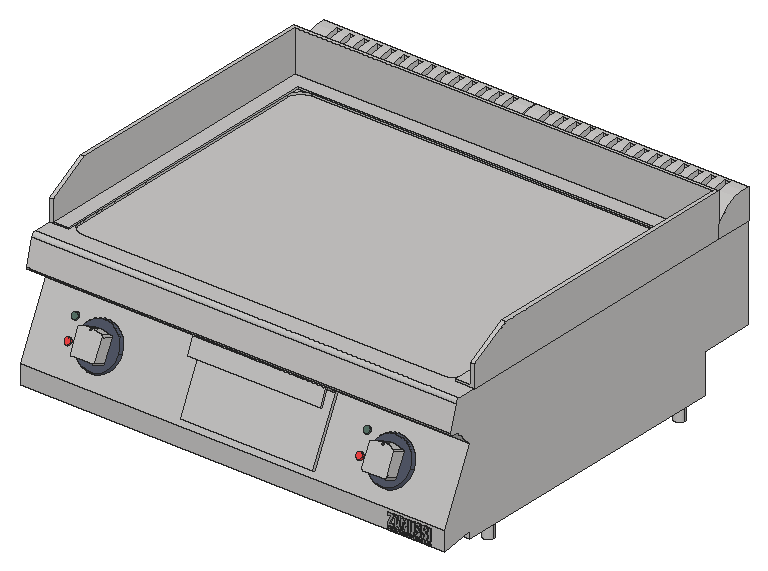
Revit family "QF_ZANUSSI_372340_Z7IIKDAOMEA", category Specialty Equipment, Revit 2018
Family settings
  Round Connector Dimension = Use Diameter
  Part Type = Normal
  Work Plane-Based = No
  Always vertical = Yes
  Cut with Voids When Loaded = No
  Shared = No
  Room Calculation Point = No
Parameters (values of type "Standard")
  Weight = 70.00 kg
  Watts = 0 W
  Volts = 400 V
  URL Manufacturer = "http://www.zanussiprofessional.com"
  URL = "http://www.zanussiprofessional.com"
  Steam Supply Size = 0"
  Steam Supply Minimum Pressure = 0.00 psi
  Steam Supply Maximum Pressure = 0.00 psi
  Steam Pounds per Hour = 0
  Show Logo [instance] = yes
  Show Clearance [instance] = yes
  Refrigeration Suction Line Size = 0"
  Refrigeration Liquid Line Size = 0"
  Refrigerant Compressor Remote = yes
  Phase = 3
  Model = "Z7IIKDAOMEA"
  Manufacturer = "Zanussi"
  Length Actual = 800 mm  # constant formula
  Item Number = "372340"
  Hot Water Size = 0"
  Height Actual = 250 mm  # constant formula
  HP = "11.3 HP"
  Gas Size = 0"
  Gas KW = 0
  Gas Input Pressure = 0.0 Btu/h
  Direct Waste Size = 0"
  Description = "ELECTRIC FRY TOP-SMOOTH PLATE 800MM-BRUSHED CHROME"
  Depth Actual = 700 mm  # constant formula
  Cycle = 60 Hz
  Condensate Return Size = 0"
  Compressed Air Volume = 0 GPM
  Compressed Air Size = 0"
  Compressed Air Pressure = 0.00 psi
  Cold Water Size = 0"
  Assembly Code = ""
  Accessory = yes
Reference planes
  plane 1 "BACK": y = 0
  plane 2: z = 0
  plane 3 "LEFT": x = 0
  plane 4 "RIGHT": x = 800
  plane 5 "FRONT": y = -715
  plane 6 "TOP": z = 288.925
  plane 7 "Center Y": x = 400
  plane 8 "Center X": y = -357.5
  plane 9 "BASE": z = 24
  plane 10 "TOP A": z = 900
  plane 11: y = -597.884
  plane 12: y = -147.637
  plane 13: z = 981
  plane 14: y = -700
  plane 15 "panel": through (-6096, -715, 65.146) normal (0, 0.8956, -0.4448)
  plane 16: z = 900
Forms (mm)
  Extrusion 1, solid, material "QF_Finishes_Stainless Steel"
    sketch origin (0, 0, 626) x (0, 1, 0) y (0, 0, 1)
      loop
        line (0, 98) -> (0, 274) -> (-679.358, 274)
        arc (-679.358, 274) -> (-684.643, 271.811) -> (-686.833, 266.526) r 7.474
        line (-686.833, 266.526) -> (-699.884, 221.011)
        arc (-699.884, 221.011) -> (-699.396, 218.379) -> (-697, 217.184) r 3
        line (-697, 217.184) -> (-686.802, 217.184) -> (-654.982, 185.364) -> (-715, 64.508) -> (-715, 29.508) -> (-658.645, 37.428)
        arc (-658.645, 37.428) -> (-656.101, 36.674) -> (-655, 34.259) r 3.2
        line (-655, 34.259) -> (-655, 24) -> (-103, 24) -> (-103, 98) -> (0, 98)
    from 0 to 800
  Extrusion 2, void
    sketch origin (0, -2.381, 900) x (-1, 0, 0) y (0, -1, 0)
      loop
        arc (-60.425, 102.504) -> (-42.464, 109.943) -> (-35.025, 127.904) r 25.4
        line (-35.025, 127.904) -> (-35.025, 617.104)
        arc (-35.025, 617.104) -> (-42.464, 635.064) -> (-60.425, 642.504) r 25.4
        line (-60.425, 642.504) -> (-739.575, 642.504)
        arc (-739.575, 642.504) -> (-757.536, 635.064) -> (-764.975, 617.104) r 25.4
        line (-764.975, 617.104) -> (-764.975, 127.904)
        arc (-764.975, 127.904) -> (-757.536, 109.943) -> (-739.575, 102.504) r 25.4
        line (-739.575, 102.504) -> (-60.425, 102.504)
    from 0 to -3.2
  Extrusion 3, solid, material "QF_Finishes_Stainless Steel"
    sketch origin (0, 0, 626) x (1, 0, 0) y (0, 1, 0)
      loop
        circle (11.112, -147.638) r 9.525
      loop
        circle (11.112, -597.884) r 9.525
      loop
        circle (788.887, -147.638) r 9.525
      loop
        circle (788.887, -597.884) r 9.525
    from 0 to 24
  Extrusion 4, solid, material "QF_Finishes_Stainless Steel"
    sketch origin (0, -101.6, 731.694) x (0, 0, -1) y (-1, 0, 0)
      loop
        circle (43.694, -749.2) r 6.35
    from -1.4 to 3.175
  Extrusion 5, solid, material "QF_Finishes_Clearance", visible <- "Show Clearance", detail levels coarse
    sketch origin (0, 0, 626) x (1, 0, 0) y (0, 1, 0)
      loop
        line (0, -715) -> (0, 0) -> (800, 0) -> (800, -715) -> (950.019, -715) -> (950.019, 150.019) -> (-150.019, 150.019) -> (-150.019, -715) -> (0, -715)
    from 0 to 355
  Sweep 6, solid, material "QF_Finishes_Stainless Steel"
    path origin (0, -2.381, 900) x (-1, 0, 0) y (0, -1, 0)
      loop
        line (-764.975, 642.504) -> (-764.975, 102.504) -> (-35.025, 102.504) -> (-35.025, 642.504)
    profile origin (35.025, -374.885, 900) x (1, 0, 0) y (0, 0, 1)
      loop
        line (-35.025, 0) -> (0, 0) -> (0, 3.175) -> (-28.675, 3.175) -> (-28.675, 81) -> (-35.025, 81) -> (-35.025, 0)
  Extrusion 7, void
    sketch origin (0, -69.86, 900) x (0, 1, 0) y (0, 0, 1)
      loop
        line (-575.025, 41.119) -> (-501.995, 81) -> (-575.025, 81) -> (-575.025, 41.119)
    from 0 to 6.35
  Extrusion 8, void
    sketch origin (800, -644.885, 900) x (0, -1, 0) y (0, 0, 1)
      loop
        line (0, 41.119) -> (0, 81) -> (-73.03, 81) -> (0, 41.119)
    from 0 to 6.35
  Extrusion 9, solid, material "QF_Finishes_Stainless Steel"
    sketch origin (0, 0, 626) x (0, 1, 0) y (0, 0, 1)
      loop
        line (0, 274) -> (0, 331.492)
        arc (0, 331.492) -> (-38.8, 324.37) -> (-69.85, 300.038) r 82.447
        line (-69.85, 300.038) -> (-69.85, 274) -> (0, 274)
    from 0 to 400.05
  Extrusion 10, void
    sketch origin (0, 0, 900.638) x (0, -1, 0) y (1, 0, 0)
      loop
        line (6.761, 29.703) -> (63.911, 29.703) -> (63.911, 38.999) -> (6.761, 38.999) -> (6.761, 29.703)
      loop
        line (63.911, 64.487) -> (6.761, 64.487) -> (6.761, 55.191) -> (63.911, 55.191) -> (63.911, 64.487)
      loop
        line (63.911, 89.975) -> (6.761, 89.975) -> (6.761, 80.68) -> (63.911, 80.68) -> (63.911, 89.975)
      loop
        line (63.911, 115.464) -> (6.761, 115.464) -> (6.761, 106.168) -> (63.911, 106.168) -> (63.911, 115.464)
      loop
        line (63.911, 140.952) -> (6.761, 140.952) -> (6.761, 131.656) -> (63.911, 131.656) -> (63.911, 140.952)
      loop
        line (63.911, 166.44) -> (6.761, 166.44) -> (6.761, 157.145) -> (63.911, 157.145) -> (63.911, 166.44)
      loop
        line (63.911, 191.929) -> (6.761, 191.929) -> (6.761, 182.633) -> (63.911, 182.633) -> (63.911, 191.929)
      loop
        line (63.911, 217.417) -> (6.761, 217.417) -> (6.761, 208.121) -> (63.911, 208.121) -> (63.911, 217.417)
      loop
        line (63.911, 242.905) -> (6.761, 242.905) -> (6.761, 233.61) -> (63.911, 233.61) -> (63.911, 242.905)
      loop
        line (63.911, 268.394) -> (6.761, 268.394) -> (6.761, 259.098) -> (63.911, 259.098) -> (63.911, 268.394)
      loop
        line (63.911, 293.882) -> (6.761, 293.882) -> (6.761, 284.586) -> (63.911, 284.586) -> (63.911, 293.882)
      loop
        line (63.911, 319.37) -> (6.761, 319.37) -> (6.761, 310.075) -> (63.911, 310.075) -> (63.911, 319.37)
      loop
        line (63.911, 344.859) -> (6.761, 344.859) -> (6.761, 335.563) -> (63.911, 335.563) -> (63.911, 344.859)
      loop
        line (63.911, 370.347) -> (6.761, 370.347) -> (6.761, 361.051) -> (63.911, 361.051) -> (63.911, 370.347)
    from 25.4 to 63.5
  Extrusion 11, solid, material "QF_Finishes_Stainless Steel"
    sketch origin (400.05, 0, 626) x (0, 1, 0) y (0, 0, 1)
      loop
        line (0, 274) -> (0, 331.492)
        arc (0, 331.492) -> (-38.8, 324.37) -> (-69.85, 300.038) r 82.447
        line (-69.85, 300.038) -> (-69.85, 274) -> (0, 274)
    from 0 to 400.05
  Extrusion 12, void
    sketch origin (400.05, 0, 900.638) x (0, -1, 0) y (1, 0, 0)
      loop
        line (6.761, 29.653) -> (63.911, 29.653) -> (63.911, 38.949) -> (6.761, 38.949) -> (6.761, 29.653)
      loop
        line (63.911, 64.437) -> (6.761, 64.437) -> (6.761, 55.141) -> (63.911, 55.141) -> (63.911, 64.437)
      loop
        line (63.911, 89.925) -> (6.761, 89.925) -> (6.761, 80.63) -> (63.911, 80.63) -> (63.911, 89.925)
      loop
        line (63.911, 115.414) -> (6.761, 115.414) -> (6.761, 106.118) -> (63.911, 106.118) -> (63.911, 115.414)
      loop
        line (63.911, 140.902) -> (6.761, 140.902) -> (6.761, 131.606) -> (63.911, 131.606) -> (63.911, 140.902)
      loop
        line (63.911, 166.39) -> (6.761, 166.39) -> (6.761, 157.095) -> (63.911, 157.095) -> (63.911, 166.39)
      loop
        line (63.911, 191.879) -> (6.761, 191.879) -> (6.761, 182.583) -> (63.911, 182.583) -> (63.911, 191.879)
      loop
        line (63.911, 217.367) -> (6.761, 217.367) -> (6.761, 208.071) -> (63.911, 208.071) -> (63.911, 217.367)
      loop
        line (63.911, 242.855) -> (6.761, 242.855) -> (6.761, 233.56) -> (63.911, 233.56) -> (63.911, 242.855)
      loop
        line (63.911, 268.344) -> (6.761, 268.344) -> (6.761, 259.048) -> (63.911, 259.048) -> (63.911, 268.344)
      loop
        line (63.911, 293.832) -> (6.761, 293.832) -> (6.761, 284.536) -> (63.911, 284.536) -> (63.911, 293.832)
      loop
        line (63.911, 319.32) -> (6.761, 319.32) -> (6.761, 310.025) -> (63.911, 310.025) -> (63.911, 319.32)
      loop
        line (63.911, 344.809) -> (6.761, 344.809) -> (6.761, 335.513) -> (63.911, 335.513) -> (63.911, 344.809)
      loop
        line (63.911, 370.297) -> (6.761, 370.297) -> (6.761, 361.001) -> (63.911, 361.001) -> (63.911, 370.297)
    from 25.4 to 63.5
  Extrusion 13, solid, material "QF_Finishes_Stainless Steel"
    sketch origin (400, 0, 626) x (0, 1, 0) y (0, 0, 1)
      loop
        line (-655.161, 185.641) -> (-674.299, 204.778)
        arc (-674.299, 204.778) -> (-678.766, 206.181) -> (-682.47, 203.316) r 5.058
        line (-682.47, 203.316) -> (-695.132, 175.806) -> (-692.248, 174.479) -> (-679.586, 201.989)
        arc (-679.586, 201.989) -> (-678.207, 203.055) -> (-676.544, 202.533) r 1.883
        line (-676.544, 202.533) -> (-659.038, 185.028) -> (-712.559, 77.256) -> (-709.651, 75.918) -> (-655.161, 185.641)
    from -100 to 150
  Extrusion 14, solid, material "QF_Finishes_Drawer Clearance", visible <- "Show Clearance", detail levels coarse
    sketch origin (400, 0, 626) x (0, 1, 0) y (0, 0, 1)
      loop
        line (-778.814, 75.918) -> (-709.651, 75.918) -> (-655.161, 185.641) -> (-674.299, 204.778)
        arc (-674.299, 204.778) -> (-676.36, 206.027) -> (-678.766, 206.181) r 5.058
        line (-678.766, 206.181) -> (-747.93, 206.181)
        arc (-747.93, 206.181) -> (-750.133, 205.203) -> (-751.634, 203.316) r 5.058
        line (-751.634, 203.316) -> (-764.296, 175.806) -> (-761.412, 174.479) -> (-748.75, 201.989)
        arc (-748.75, 201.989) -> (-747.371, 203.055) -> (-745.708, 202.533) r 1.883
        line (-745.708, 202.533) -> (-728.202, 185.028) -> (-781.723, 77.256) -> (-778.814, 75.918)
    from -100 to 150
  Blend 15, solid, material "QF_Finishes_Navy Blue"
    base sketch origin (675, -684.991, 751.574) x (1, 0, 0) y (0, 0.444781, 0.895639)
      loop
        circle (0, 0) r 42.5
    top sketch origin (675, -684.991, 751.574) x (1, 0, 0) y (0, 0.444781, 0.895639)
      loop
        circle (0, 0) r 40.5
    from 0 to 5
  Extrusion 16, solid, material "QF_Finishes_Stainless Steel"
    sketch origin (675, -684.991, 751.574) x (1, 0, 0) y (0, 0.444781, 0.895639)
      loop
        arc (-21.147, 22.789) -> (-22.494, 21.685) -> (-23, 20.019) r 2.997
        line (-23, 20.019) -> (-23, -20.019)
        arc (-23, -20.019) -> (-22.122, -22.138) -> (-20.003, -23.016) r 2.997
        line (-20.003, -23.016) -> (20.003, -23.016)
        arc (20.003, -23.016) -> (22.122, -22.138) -> (23, -20.019) r 2.997
        line (23, -20.019) -> (23, 20.019)
        arc (23, 20.019) -> (22.494, 21.685) -> (21.147, 22.789) r 2.997
        arc (21.147, 22.789) -> (0, 26.984) -> (-21.147, 22.789) r 55.4
    from 10 to 34
  Extrusion 17, solid, material "QF_Plastic-Black-Matte"
    sketch origin (755, -684.991, 751.574) x (0, 0.444781, 0.895639) y (0, -0.895639, 0.444781)
      loop
        line (26.984, 34) -> (26.984, 19) -> (27.984, 19) -> (27.984, 34)
        arc (27.984, 34) -> (27.691, 34.707) -> (26.984, 35) r 1
        line (26.984, 35) -> (23.984, 35) -> (23.984, 34) -> (26.984, 34)
    from -81 to -79
  Extrusion 18, solid, material "QF_Finishes_Red"
    sketch origin (675, -689.439, 742.617) x (1, 0, 0) y (0, 0.444781, 0.895639)
      loop
        circle (-55.001, 0) r 6
    from 0 to 1.6
  Extrusion 19, solid, material "QF_Finishes_Stainless Steel"
    sketch origin (675, -684.991, 751.574) x (1, 0, 0) y (0, 0.444781, 0.895639)
      loop
        line (17.5, 17.5) -> (-17.5, 17.5) -> (-17.5, -17.5) -> (17.5, -17.5) -> (17.5, 17.5)
    from 5 to 10
  Extrusion 20, solid, material "QF_Finishes_DarkGreen"
    sketch origin (675, -671.648, 778.443) x (1, 0, 0) y (0, 0.444781, 0.895639)
      loop
        circle (-55.001, 0) r 6
    from 0 to 1.6
  Blend 21, solid, material "QF_Finishes_Navy Blue"
    base sketch origin (125, -684.991, 751.574) x (1, 0, 0) y (0, 0.444781, 0.895639)
      loop
        circle (0, 0) r 42.5
    top sketch origin (125, -684.991, 751.574) x (1, 0, 0) y (0, 0.444781, 0.895639)
      loop
        circle (0, 0) r 40.5
    from 0 to 5
  Extrusion 22, solid, material "QF_Finishes_Stainless Steel"
    sketch origin (125, -684.991, 751.574) x (1, 0, 0) y (0, 0.444781, 0.895639)
      loop
        arc (-21.147, 22.789) -> (-22.494, 21.685) -> (-23, 20.019) r 2.997
        line (-23, 20.019) -> (-23, -20.019)
        arc (-23, -20.019) -> (-22.122, -22.138) -> (-20.003, -23.016) r 2.997
        line (-20.003, -23.016) -> (20.003, -23.016)
        arc (20.003, -23.016) -> (22.122, -22.138) -> (23, -20.019) r 2.997
        line (23, -20.019) -> (23, 20.019)
        arc (23, 20.019) -> (22.494, 21.685) -> (21.147, 22.789) r 2.997
        arc (21.147, 22.789) -> (0, 26.984) -> (-21.147, 22.789) r 55.4
    from 10 to 34
  Extrusion 23, solid, material "QF_Plastic-Black-Matte"
    sketch origin (205, -684.991, 751.574) x (0, 0.444781, 0.895639) y (0, -0.895639, 0.444781)
      loop
        line (26.984, 34) -> (26.984, 19) -> (27.984, 19) -> (27.984, 34)
        arc (27.984, 34) -> (27.691, 34.707) -> (26.984, 35) r 1
        line (26.984, 35) -> (23.984, 35) -> (23.984, 34) -> (26.984, 34)
    from -81 to -79
  Extrusion 24, solid, material "QF_Finishes_Red"
    sketch origin (125, -689.439, 742.617) x (1, 0, 0) y (0, 0.444781, 0.895639)
      loop
        circle (-55.001, 0) r 6
    from 0 to 1.6
  Extrusion 25, solid, material "QF_Finishes_Stainless Steel"
    sketch origin (125, -684.991, 751.574) x (1, 0, 0) y (0, 0.444781, 0.895639)
      loop
        line (17.5, 17.5) -> (-17.5, 17.5) -> (-17.5, -17.5) -> (17.5, -17.5) -> (17.5, 17.5)
    from 5 to 10
  Extrusion 26, solid, material "QF_Finishes_DarkGreen"
    sketch origin (125, -671.648, 778.443) x (1, 0, 0) y (0, 0.444781, 0.895639)
      loop
        circle (-55.001, 0) r 6
    from 0 to 1.6
Cuts and joins
  Extrusion 2 cuts Extrusion 1
  Extrusion 7, Extrusion 8 cuts Sweep 6
  Extrusion 10 cuts Extrusion 9
  Extrusion 12 cuts Extrusion 11
Lines and regions (mm)
  Split face 1
    outline origin (676.664, -684.796, 763.208) x (1, 0, 0) y (0, 0.444781, 0.895639)
      loop
        circle (-34, 0) r 1.5
  Split face 2
    outline origin (673.297, -687.581, 757.6) x (1, 0, 0) y (0, 0.444781, 0.895639)
      loop
        circle (-30.633, -14.752) r 1.5
  Split face 3
    outline origin (676.214, -689.88, 752.97) x (1, 0, 0) y (0, 0.444781, 0.895639)
      loop
        circle (-21.199, -26.582) r 1.5
  Split face 4
    outline origin (682.566, -689.848, 753.034) x (1, 0, 0) y (0, 0.444781, 0.895639)
      loop
        circle (-7.566, -33.148) r 1.5
  Split face 5
    outline origin (687.419, -686.96, 758.85) x (1, 0, 0) y (0, 0.444781, 0.895639)
      loop
        circle (7.566, -33.148) r 1.5
  Split face 6
    outline origin (686.137, -682.319, 768.196) x (1, 0, 0) y (0, 0.444781, 0.895639)
      loop
        circle (21.199, -26.582) r 1.5
  Split face 7
    outline origin (676.5, -678.264, 776.361) x (1, 0, 0) y (0, 0.444781, 0.895639)
      loop
        circle (30.633, -14.752) r 1.5
  Split face 8
    outline origin (660.985, -677.235, 778.433) x (1, 0, 0) y (0, 0.444781, 0.895639)
      loop
        circle (34, 0) r 1.5
  Split face 9
    outline origin (675, -689.469, 753.797) x (1, 0, 0) y (0, 0.444781, 0.895639)
      loop
        circle (0, 33.561) r 1.5
  Split face 10
    outline origin (126.664, -684.796, 763.208) x (1, 0, 0) y (0, 0.444781, 0.895639)
      loop
        circle (-34, 0) r 1.5
  Split face 11
    outline origin (123.297, -687.581, 757.6) x (1, 0, 0) y (0, 0.444781, 0.895639)
      loop
        circle (-30.633, -14.752) r 1.5
  Split face 12
    outline origin (126.214, -689.88, 752.97) x (1, 0, 0) y (0, 0.444781, 0.895639)
      loop
        circle (-21.199, -26.582) r 1.5
  Split face 13
    outline origin (132.566, -689.848, 753.034) x (1, 0, 0) y (0, 0.444781, 0.895639)
      loop
        circle (-7.566, -33.148) r 1.5
  Split face 14
    outline origin (137.419, -686.96, 758.85) x (1, 0, 0) y (0, 0.444781, 0.895639)
      loop
        circle (7.566, -33.148) r 1.5
  Split face 15
    outline origin (136.137, -682.319, 768.196) x (1, 0, 0) y (0, 0.444781, 0.895639)
      loop
        circle (21.199, -26.582) r 1.5
  Split face 16
    outline origin (126.5, -678.264, 776.361) x (1, 0, 0) y (0, 0.444781, 0.895639)
      loop
        circle (30.633, -14.752) r 1.5
  Split face 17
    outline origin (110.985, -677.235, 778.433) x (1, 0, 0) y (0, 0.444781, 0.895639)
      loop
        circle (34, 0) r 1.5
  Split face 18
    outline origin (125, -689.469, 753.797) x (1, 0, 0) y (0, 0.444781, 0.895639)
      loop
        circle (0, 33.561) r 1.5
  symbolic lines, style "QF-Clearances", visible <- "Show Clearance", detail levels coarse
    curve 1: line (-150.019, 150.019, 900) -> (-150.019, -715, 900)
    curve 2: line (950.019, 150.019, 900) -> (-150.019, 150.019, 900)
    curve 3: line (950.019, -716.377, 900) -> (950.019, 150.019, 900)
  symbolic lines
    curve 4: line (0, 0, 900) -> (800, 0, 900)
    curve 5: line (0, -715, 900) -> (0, 0, 900)
    curve 6: line (800, 0, 900) -> (800, -715, 900)
    curve 7: line (35.025, -104.885, 900) -> (35.025, -644.885, 900)
    curve 8: arc (35.025, -619.485, 900) -> (42.464, -637.445, 900) -> (60.425, -644.885, 900) r 25.4
    curve 9: line (0, -644.885, 900) -> (35.025, -644.885, 900)
    curve 10: arc (739.215, -644.885, 900) -> (757.736, -637.213, 900) -> (765.407, -618.692, 900) r 26.193
    curve 11: line (765.407, -644.885, 900) -> (765.407, -104.885, 900)
    curve 12: line (765.407, -104.885, 900) -> (35.025, -104.885, 900)
    curve 13: line (0, -69.85, 900) -> (800, -69.85, 900)
    curve 14: arc (64.125, -104.885, 900) -> (43.548, -113.408, 900) -> (35.025, -133.985, 900) r 29.1
    curve 15: arc (739.863, -104.885, 900) -> (757.926, -112.367, 900) -> (765.407, -130.429, 900) r 25.544
    curve 16: line (6.35, -76.21, 900) -> (6.35, -644.885, 900)
    curve 17: line (6.35, -76.21, 900) -> (793.65, -76.21, 900)
    curve 18: line (793.65, -76.21, 900) -> (793.65, -644.885, 900)
    curve 19: line (765.407, -644.885, 900) -> (800, -644.885, 900)
    curve 20: line (60.425, -644.885, 900) -> (739.215, -644.885, 900)
    curve 24: line (0, 0, 274.638) -> (800, 0, 274.638)
    curve 25: line (0, -69.85, 274.638) -> (800, -69.85, 274.638)
    curve 26: line (29.703, -6.761, 0) -> (38.999, -6.761, 0)
    curve 27: line (29.703, -63.911, 0) -> (29.703, -6.761, 0)
    curve 28: line (38.999, -63.911, 0) -> (29.703, -63.911, 0)
    curve 29: line (38.999, -6.761, 0) -> (38.999, -63.911, 0)
    curve 30: line (55.191, -6.761, 0) -> (64.487, -6.761, 0)
    curve 31: line (55.191, -63.911, 0) -> (55.191, -6.761, 0)
    curve 32: line (64.487, -63.911, 0) -> (55.191, -63.911, 0)
    curve 33: line (64.487, -6.761, 0) -> (64.487, -63.911, 0)
    curve 34: line (80.68, -6.761, 0) -> (89.975, -6.761, 0)
    curve 35: line (80.68, -63.911, 0) -> (80.68, -6.761, 0)
    curve 36: line (89.975, -63.911, 0) -> (80.68, -63.911, 0)
    curve 37: line (89.975, -6.761, 0) -> (89.975, -63.911, 0)
    curve 38: line (106.168, -6.761, 0) -> (115.464, -6.761, 0)
    curve 39: line (106.168, -63.911, 0) -> (106.168, -6.761, 0)
    curve 40: line (115.464, -63.911, 0) -> (106.168, -63.911, 0)
    curve 41: line (115.464, -6.761, 0) -> (115.464, -63.911, 0)
    curve 42: line (131.656, -6.761, 0) -> (140.952, -6.761, 0)
    curve 43: line (131.656, -63.911, 0) -> (131.656, -6.761, 0)
    curve 44: line (140.952, -63.911, 0) -> (131.656, -63.911, 0)
    curve 45: line (140.952, -6.761, 0) -> (140.952, -63.911, 0)
    curve 46: line (157.145, -6.761, 0) -> (166.44, -6.761, 0)
    curve 47: line (157.145, -63.911, 0) -> (157.145, -6.761, 0)
    curve 48: line (166.44, -63.911, 0) -> (157.145, -63.911, 0)
    curve 49: line (166.44, -6.761, 0) -> (166.44, -63.911, 0)
    curve 50: line (182.633, -6.761, 0) -> (191.929, -6.761, 0)
    curve 51: line (182.633, -63.911, 0) -> (182.633, -6.761, 0)
    curve 52: line (191.929, -63.911, 0) -> (182.633, -63.911, 0)
    curve 53: line (191.929, -6.761, 0) -> (191.929, -63.911, 0)
    curve 54: line (208.121, -6.761, 0) -> (217.417, -6.761, 0)
    curve 55: line (208.121, -63.911, 0) -> (208.121, -6.761, 0)
    curve 56: line (217.417, -63.911, 0) -> (208.121, -63.911, 0)
    curve 57: line (217.417, -6.761, 0) -> (217.417, -63.911, 0)
    curve 58: line (233.61, -6.761, 0) -> (242.905, -6.761, 0)
    curve 59: line (233.61, -63.911, 0) -> (233.61, -6.761, 0)
    curve 60: line (242.905, -63.911, 0) -> (233.61, -63.911, 0)
    curve 61: line (242.905, -6.761, 0) -> (242.905, -63.911, 0)
    curve 62: line (259.098, -6.761, 0) -> (268.394, -6.761, 0)
    curve 63: line (259.098, -63.911, 0) -> (259.098, -6.761, 0)
    curve 64: line (268.394, -63.911, 0) -> (259.098, -63.911, 0)
    curve 65: line (268.394, -6.761, 0) -> (268.394, -63.911, 0)
    curve 66: line (284.586, -6.761, 0) -> (293.882, -6.761, 0)
    curve 67: line (284.586, -63.911, 0) -> (284.586, -6.761, 0)
    curve 68: line (293.882, -63.911, 0) -> (284.586, -63.911, 0)
    curve 69: line (293.882, -6.761, 0) -> (293.882, -63.911, 0)
    curve 70: line (310.075, -6.761, 0) -> (319.37, -6.761, 0)
    curve 71: line (310.075, -63.911, 0) -> (310.075, -6.761, 0)
    curve 72: line (319.37, -63.911, 0) -> (310.075, -63.911, 0)
    curve 73: line (319.37, -6.761, 0) -> (319.37, -63.911, 0)
    curve 74: line (335.563, -6.761, 0) -> (344.859, -6.761, 0)
    curve 75: line (335.563, -63.911, 0) -> (335.563, -6.761, 0)
    curve 76: line (344.859, -63.911, 0) -> (335.563, -63.911, 0)
    curve 77: line (344.859, -6.761, 0) -> (344.859, -63.911, 0)
    curve 78: line (361.051, -6.761, 0) -> (370.347, -6.761, 0)
    curve 79: line (361.051, -63.911, 0) -> (361.051, -6.761, 0)
    curve 80: line (370.347, -63.911, 0) -> (361.051, -63.911, 0)
    curve 81: line (370.347, -6.761, 0) -> (370.347, -63.911, 0)
    curve 82: line (400, 0, 0) -> (400, -69.85, 0)
    curve 83: line (770.347, -6.761, 0) -> (761.051, -6.761, 0)
    curve 84: line (770.347, -63.911, 0) -> (770.347, -6.761, 0)
    curve 85: line (761.051, -63.911, 0) -> (770.347, -63.911, 0)
    curve 86: line (761.051, -6.761, 0) -> (761.051, -63.911, 0)
    curve 87: line (744.859, -6.761, 0) -> (735.563, -6.761, 0)
    curve 88: line (744.859, -63.911, 0) -> (744.859, -6.761, 0)
    curve 89: line (735.563, -63.911, 0) -> (744.859, -63.911, 0)
    curve 90: line (735.563, -6.761, 0) -> (735.563, -63.911, 0)
    curve 91: line (719.37, -6.761, 0) -> (710.075, -6.761, 0)
    curve 92: line (719.37, -63.911, 0) -> (719.37, -6.761, 0)
    curve 93: line (710.075, -63.911, 0) -> (719.37, -63.911, 0)
    curve 94: line (710.075, -6.761, 0) -> (710.075, -63.911, 0)
    curve 95: line (693.882, -6.761, 0) -> (684.586, -6.761, 0)
    curve 96: line (693.882, -63.911, 0) -> (693.882, -6.761, 0)
    curve 97: line (684.586, -63.911, 0) -> (693.882, -63.911, 0)
    curve 98: line (684.586, -6.761, 0) -> (684.586, -63.911, 0)
    curve 99: line (668.394, -6.761, 0) -> (659.098, -6.761, 0)
    curve 100: line (668.394, -63.911, 0) -> (668.394, -6.761, 0)
    curve 101: line (659.098, -63.911, 0) -> (668.394, -63.911, 0)
    curve 102: line (659.098, -6.761, 0) -> (659.098, -63.911, 0)
    curve 103: line (642.905, -6.761, 0) -> (633.61, -6.761, 0)
    curve 104: line (642.905, -63.911, 0) -> (642.905, -6.761, 0)
    curve 105: line (633.61, -63.911, 0) -> (642.905, -63.911, 0)
    curve 106: line (633.61, -6.761, 0) -> (633.61, -63.911, 0)
    curve 107: line (617.417, -6.761, 0) -> (608.121, -6.761, 0)
    curve 108: line (617.417, -63.911, 0) -> (617.417, -6.761, 0)
    curve 109: line (608.121, -63.911, 0) -> (617.417, -63.911, 0)
    curve 110: line (608.121, -6.761, 0) -> (608.121, -63.911, 0)
    curve 111: line (591.929, -6.761, 0) -> (582.633, -6.761, 0)
    curve 112: line (591.929, -63.911, 0) -> (591.929, -6.761, 0)
    curve 113: line (582.633, -63.911, 0) -> (591.929, -63.911, 0)
    curve 114: line (582.633, -6.761, 0) -> (582.633, -63.911, 0)
    curve 115: line (566.44, -6.761, 0) -> (557.145, -6.761, 0)
    curve 116: line (566.44, -63.911, 0) -> (566.44, -6.761, 0)
    curve 117: line (557.145, -63.911, 0) -> (566.44, -63.911, 0)
    curve 118: line (557.145, -6.761, 0) -> (557.145, -63.911, 0)
    curve 119: line (540.952, -6.761, 0) -> (531.656, -6.761, 0)
    curve 120: line (540.952, -63.911, 0) -> (540.952, -6.761, 0)
    curve 121: line (531.656, -63.911, 0) -> (540.952, -63.911, 0)
    curve 122: line (531.656, -6.761, 0) -> (531.656, -63.911, 0)
    curve 123: line (515.464, -6.761, 0) -> (506.168, -6.761, 0)
    curve 124: line (515.464, -63.911, 0) -> (515.464, -6.761, 0)
    curve 125: line (506.168, -63.911, 0) -> (515.464, -63.911, 0)
    curve 126: line (506.168, -6.761, 0) -> (506.168, -63.911, 0)
    curve 127: line (489.975, -6.761, 0) -> (480.68, -6.761, 0)
    curve 128: line (489.975, -63.911, 0) -> (489.975, -6.761, 0)
    curve 129: line (480.68, -63.911, 0) -> (489.975, -63.911, 0)
    curve 130: line (480.68, -6.761, 0) -> (480.68, -63.911, 0)
    curve 131: line (464.487, -6.761, 0) -> (455.191, -6.761, 0)
    curve 132: line (464.487, -63.911, 0) -> (464.487, -6.761, 0)
    curve 133: line (455.191, -63.911, 0) -> (464.487, -63.911, 0)
    curve 134: line (455.191, -6.761, 0) -> (455.191, -63.911, 0)
    curve 135: line (438.999, -6.761, 0) -> (429.703, -6.761, 0)
    curve 136: line (438.999, -63.911, 0) -> (438.999, -6.761, 0)
    curve 137: line (429.703, -63.911, 0) -> (438.999, -63.911, 0)
    curve 138: line (429.703, -6.761, 0) -> (429.703, -63.911, 0)
    curve 139: line (0, -700, 0) -> (800, -700, 0)
    curve 140: line (698, -700, 0) -> (698, -724.347, 0)
    curve 141: arc (698, -724.347, 0) -> (697.854, -724.811, 0) -> (697.468, -725.107, 0) r 0.809
    curve 142: arc (697.468, -725.107, 0) -> (696.28, -725.587, 0) -> (695.003, -725.68, 0) r 4.127
    curve 143: arc (698, -704.292, 0) -> (703.041, -702.458, 0) -> (707.809, -700, 0) r 42.24
    curve 144: arc (698, -706.539, 0) -> (697.498, -705.818, 0) -> (696.701, -705.448, 0) r 1.682
    curve 145: arc (696.701, -705.448, 0) -> (686.398, -703.95, 0) -> (676, -703.441, 0) r 109.079
    curve 146: line (676, -700, 0) -> (676, -705.671, 0)
    curve 147: line (676, -705.671, 0) -> (674, -705.671, 0)
    curve 148: line (674, -705.671, 0) -> (674, -700, 0)
    curve 149: line (652, -700, 0) -> (652, -724.347, 0)
    curve 150: arc (652, -724.347, 0) -> (652.146, -724.811, 0) -> (652.532, -725.107, 0) r 0.809
    curve 151: arc (652.532, -725.107, 0) -> (653.72, -725.587, 0) -> (654.997, -725.68, 0) r 4.127
    curve 152: arc (652, -704.292, 0) -> (646.959, -702.458, 0) -> (642.191, -700, 0) r 42.24
    curve 153: arc (652, -706.539, 0) -> (652.502, -705.818, 0) -> (653.299, -705.448, 0) r 1.682
    curve 154: arc (653.299, -705.448, 0) -> (663.602, -703.95, 0) -> (674, -703.441, 0) r 109.079
    curve 155: line (695.003, -725.68, 0) -> (654.997, -725.68, 0)
    curve 156: line (148, -715, 0) -> (652, -715, 0)
    curve 157: line (698, -715, 0) -> (800, -715, 0)
    curve 158: line (300, -715, 0) -> (300, -700, 0)
    curve 159: line (549.95, -715, 0) -> (549.95, -700, 0)
    curve 160: line (148, -700, 0) -> (148, -724.347, 0)
    curve 161: arc (148, -724.347, 0) -> (147.854, -724.811, 0) -> (147.468, -725.107, 0) r 0.809
    curve 162: arc (147.468, -725.107, 0) -> (146.28, -725.587, 0) -> (145.003, -725.68, 0) r 4.127
    curve 163: arc (148, -704.292, 0) -> (153.041, -702.458, 0) -> (157.809, -700, 0) r 42.24
    curve 164: arc (148, -706.539, 0) -> (147.498, -705.818, 0) -> (146.701, -705.448, 0) r 1.682
    curve 165: arc (146.701, -705.448, 0) -> (136.398, -703.95, 0) -> (126, -703.441, 0) r 109.079
    curve 166: line (126, -700, 0) -> (126, -705.671, 0)
    curve 167: line (126, -705.671, 0) -> (124, -705.671, 0)
    curve 168: line (124, -705.671, 0) -> (124, -700, 0)
    curve 169: line (102, -700, 0) -> (102, -724.347, 0)
    curve 170: arc (102, -724.347, 0) -> (102.146, -724.811, 0) -> (102.532, -725.107, 0) r 0.809
    curve 171: arc (102.532, -725.107, 0) -> (103.72, -725.587, 0) -> (104.997, -725.68, 0) r 4.127
    curve 172: arc (102, -704.292, 0) -> (96.959, -702.458, 0) -> (92.191, -700, 0) r 42.24
    curve 173: arc (102, -706.539, 0) -> (102.502, -705.818, 0) -> (103.299, -705.448, 0) r 1.682
    curve 174: arc (103.299, -705.448, 0) -> (113.602, -703.95, 0) -> (124, -703.441, 0) r 109.079
    curve 175: line (145.003, -725.68, 0) -> (104.997, -725.68, 0)
    curve 176: line (102, -715, 0) -> (0, -715, 0)
  symbolic lines, style "QF_Drawer Clearance"
    curve 21: line (300, -767.387, 0) -> (300, -715, 0)
    curve 22: line (300, -767.387, 0) -> (550, -767.387, 0)
    curve 23: line (550, -767.387, 0) -> (550, -715, 0)
Dimensions and locks
  equal spacing: plane 3 "LEFT", plane 7 "Center Y", plane 4 "RIGHT"
  plane 3 "LEFT" to plane 4 "RIGHT" = 800 mm
  equal spacing: plane 5 "FRONT", plane 8 "Center X", plane 1 "BACK"
  plane 5 "FRONT" to plane 1 "BACK" = 715 mm
  plane 1 "BACK" to plane 5 "FRONT" = 715 mm
  plane 9 "BASE" to level = 24 mm  (x2)
  plane 4 "RIGHT" to Extrusion 4 sketch curve = 50.8 mm
  Sweep 6 sketch curve to level = 981 mm
  plane 10 "TOP A" to plane 9 "BASE" = 876 mm  (x2)
  plane 13 to level = 981 mm
  plane 1 "BACK" to plane 14 = 700 mm
  plane 16 to level = 900 mm
  aligned and locked: level to plane 2
  aligned and locked: plane 4 "RIGHT" to Extrusion 1
  aligned: plane 6 "TOP" to Extrusion 5
Automatic sketch dimensions
  curve 176 to plane 3 "LEFT" = 0 mm
  curve 139 to plane 3 "LEFT" = 0 mm
  plane 14 to curve 172 = 0 mm
  plane 5 "FRONT" to curve 176 = 0 mm
  plane 5 "FRONT" to curve 156 = 0 mm
  curve 82 to plane 7 "Center Y" = 0 mm
  plane 5 "FRONT" to curve 157 = 0 mm
  curve 157 to plane 4 "RIGHT" = 0 mm
  curve 139 to plane 4 "RIGHT" = 0 mm
  plane 1 "BACK" to curve 82 = 0 mm
  plane 3 "LEFT" to curve 28 = 29.703 mm
  curve 26 to curve 26 = 9.296 mm
  plane 1 "BACK" to curve 30 = 6.761 mm
  curve 26 to curve 30 = 16.193 mm
  curve 30 to curve 30 = 9.296 mm
  plane 1 "BACK" to curve 35 = 6.761 mm
  curve 30 to curve 35 = 16.193 mm
  curve 34 to curve 34 = 9.296 mm
  plane 1 "BACK" to curve 39 = 6.761 mm
  curve 34 to curve 39 = 16.193 mm
  curve 38 to curve 38 = 9.296 mm
  plane 5 "FRONT" to curve 169 = 9.347 mm
  plane 3 "LEFT" to curve 169 = 102 mm
  curve 169 to curve 170 = 0.809 mm
  curve 173 to curve 173 = 1.583 mm
  curve 170 to curve 171 = 1.846 mm
  curve 170 to curve 175 = 2.189 mm
  plane 1 "BACK" to curve 42 = 6.761 mm
  curve 38 to curve 42 = 16.193 mm
  curve 169 to curve 172 = 11.892 mm
  curve 42 to curve 42 = 9.296 mm
  plane 14 to curve 168 = 5.671 mm
  curve 173 to curve 168 = 20.417 mm
  curve 171 to curve 174 = 19.134 mm
  curve 174 to curve 165 = 1.738 mm
  curve 167 to curve 167 = 2 mm
  plane 1 "BACK" to curve 46 = 6.761 mm
  curve 42 to curve 46 = 16.193 mm
  curve 172 to curve 163 = 22.215 mm
  curve 47 to curve 48 = 9.296 mm
  curve 166 to curve 175 = 19.003 mm
  curve 162 to curve 162 = 0.343 mm
  curve 162 to curve 164 = 1.071 mm
  curve 162 to curve 161 = 2.189 mm
  curve 161 to curve 160 = 0.809 mm
  plane 1 "BACK" to curve 51 = 6.761 mm
  curve 46 to curve 51 = 16.193 mm
  curve 50 to curve 53 = 9.296 mm
  curve 52 to curve 55 = 16.193 mm
  curve 54 to curve 54 = 9.296 mm
  curve 56 to curve 59 = 16.193 mm
  curve 58 to curve 61 = 9.296 mm
  plane 1 "BACK" to curve 62 = 6.761 mm
  curve 58 to curve 62 = 16.193 mm
  curve 62 to curve 62 = 9.296 mm
  plane 1 "BACK" to curve 67 = 6.761 mm
  curve 62 to curve 67 = 16.193 mm
  curve 66 to curve 66 = 9.296 mm
  curve 22 to plane 7 "Center Y" = 100 mm
  curve 68 to curve 71 = 16.193 mm
  curve 70 to curve 70 = 9.296 mm
  plane 1 "BACK" to curve 74 = 6.761 mm
  curve 70 to curve 74 = 16.193 mm
  curve 74 to curve 77 = 9.296 mm
  plane 1 "BACK" to curve 78 = 6.761 mm
  curve 74 to curve 78 = 16.193 mm
  curve 79 to curve 81 = 9.296 mm
  plane 7 "Center Y" to curve 137 = 29.703 mm
  curve 135 to curve 135 = 9.296 mm
  curve 136 to curve 133 = 16.193 mm
  curve 131 to curve 131 = 9.296 mm
  plane 1 "BACK" to curve 127 = 6.761 mm
  curve 131 to curve 127 = 16.193 mm
  curve 129 to curve 129 = 9.296 mm
  curve 128 to curve 126 = 16.193 mm
  curve 123 to curve 124 = 9.296 mm
  curve 124 to curve 122 = 16.193 mm
  curve 121 to curve 121 = 9.296 mm
  plane 5 "FRONT" to curve 23 = 52.387 mm
  plane 7 "Center Y" to curve 23 = 150 mm
  curve 120 to curve 117 = 16.193 mm
  curve 115 to curve 116 = 9.296 mm
  curve 116 to curve 113 = 16.193 mm
  curve 111 to curve 112 = 9.296 mm
  plane 1 "BACK" to curve 110 = 6.761 mm
  curve 111 to curve 110 = 16.193 mm
  curve 109 to curve 109 = 9.296 mm
  plane 5 "FRONT" to curve 149 = 9.347 mm
  curve 23 to curve 149 = 102 mm
  curve 149 to curve 150 = 0.809 mm
  curve 153 to curve 153 = 1.583 mm
  curve 150 to curve 151 = 1.846 mm
  curve 150 to curve 155 = 2.189 mm
  plane 1 "BACK" to curve 103 = 6.761 mm
  curve 107 to curve 103 = 16.193 mm
  curve 149 to curve 152 = 11.892 mm
  curve 103 to curve 103 = 9.296 mm
  plane 14 to curve 148 = 5.671 mm
  curve 153 to curve 148 = 20.417 mm
  curve 151 to curve 154 = 19.134 mm
  curve 154 to curve 145 = 1.738 mm
  curve 147 to curve 146 = 2 mm
  curve 104 to curve 101 = 16.193 mm
  curve 152 to curve 143 = 22.215 mm
  curve 101 to curve 101 = 9.296 mm
  curve 146 to curve 155 = 19.003 mm
  curve 142 to curve 142 = 0.343 mm
  curve 142 to curve 144 = 1.071 mm
  curve 142 to curve 141 = 2.189 mm
  curve 141 to curve 140 = 0.809 mm
  plane 1 "BACK" to curve 98 = 6.761 mm
  curve 99 to curve 98 = 16.193 mm
  curve 97 to curve 97 = 9.296 mm
  plane 1 "BACK" to curve 94 = 6.761 mm
  curve 95 to curve 94 = 16.193 mm
  curve 91 to curve 92 = 9.296 mm
  curve 92 to curve 89 = 16.193 mm
  curve 89 to curve 89 = 9.296 mm
  curve 88 to curve 85 = 16.193 mm
  curve 85 to curve 85 = 9.296 mm
  curve 165 to curve 170 = 88.173 mm
  curve 145 to curve 150 = 88.173 mm
  curve 174 to curve 165 = 0 mm
  curve 154 to curve 145 = 0 mm
  plane 5 "FRONT" to curve 175 = 10.68 mm
  plane 5 "FRONT" to curve 155 = 10.68 mm
  curve 162 to curve 161 = 1.333 mm
  curve 142 to curve 141 = 1.333 mm
  curve 150 to curve 151 = 2.779 mm
  curve 141 to curve 142 = 2.779 mm
  curve 170 to curve 171 = 2.779 mm
  curve 161 to curve 162 = 2.779 mm
  plane 14 to curve 144 = 7.106 mm
  plane 14 to curve 173 = 7.106 mm
  plane 14 to curve 164 = 7.106 mm
  plane 14 to curve 153 = 7.106 mm
  curve 143 to plane 14 = 36.239 mm
  curve 152 to curve 143 = 0 mm
  curve 172 to plane 14 = 36.239 mm
  curve 172 to curve 163 = 0 mm
  curve 77 to curve 74 = 57.15 mm
  curve 76 to curve 79 = 0 mm
  curve 32 to curve 30 = 57.15 mm
  curve 68 to curve 75 = 0 mm
  curve 32 to curve 35 = 0 mm
  plane 1 "BACK" to curve 84 = 63.911 mm
  curve 65 to curve 67 = 0 mm
  curve 88 to curve 85 = 0 mm
  curve 92 to curve 89 = 0 mm
  curve 36 to curve 39 = 0 mm
  curve 96 to curve 93 = 0 mm
  curve 29 to curve 31 = 0 mm
  curve 61 to curve 63 = 0 mm
  curve 100 to curve 97 = 0 mm
  curve 68 to curve 71 = 0 mm
  curve 104 to curve 101 = 0 mm
  curve 40 to curve 43 = 0 mm
  curve 108 to curve 105 = 0 mm
  curve 57 to curve 59 = 0 mm
  curve 112 to curve 109 = 0 mm
  curve 53 to curve 55 = 0 mm
  curve 116 to curve 113 = 0 mm
  curve 48 to curve 51 = 0 mm
  curve 120 to curve 117 = 0 mm
  curve 124 to curve 121 = 0 mm
  curve 128 to curve 125 = 0 mm
  curve 138 to curve 129 = 0 mm
  curve 132 to curve 129 = 0 mm
  plane 1 "BACK" to curve 134 = 6.761 mm
  plane 1 "BACK" to curve 135 = 6.761 mm
  plane 1 "BACK" to curve 126 = 6.761 mm
  plane 1 "BACK" to curve 122 = 6.761 mm
  plane 1 "BACK" to curve 118 = 6.761 mm
  plane 1 "BACK" to curve 114 = 6.761 mm
  plane 1 "BACK" to curve 102 = 6.761 mm
  plane 1 "BACK" to curve 90 = 6.761 mm
  plane 1 "BACK" to curve 86 = 6.761 mm
  plane 1 "BACK" to curve 26 = 6.761 mm
  plane 1 "BACK" to curve 73 = 6.761 mm
  plane 1 "BACK" to curve 61 = 6.761 mm
  plane 1 "BACK" to curve 57 = 6.761 mm
  curve 172 to curve 169 = 9.809 mm
  curve 173 to curve 173 = 0.284 mm
  curve 164 to curve 165 = 0.284 mm
  curve 160 to curve 163 = 9.809 mm
  curve 158 to curve 21 = 0 mm
  curve 159 to curve 23 = 0.05 mm
  curve 152 to curve 149 = 9.809 mm
  curve 154 to curve 153 = 0.284 mm
  curve 144 to curve 144 = 0.284 mm
  curve 140 to curve 143 = 9.809 mm
  curve 173 to curve 173 = 0.567 mm
  curve 164 to curve 164 = 0.567 mm
  curve 153 to curve 153 = 0.567 mm
  curve 144 to curve 144 = 0.567 mm
  curve 82 to curve 80 = 5.939 mm
  Extrusion 1 sketch curve to plane 5 "FRONT" = 0 mm
  Extrusion 1 sketch curve to plane 10 "TOP A" = 0 mm
  plane 9 "BASE" to Extrusion 1 sketch curve = 626 mm
  Extrusion 1 sketch curve to plane 1 "BACK" = 0 mm
  Extrusion 1 sketch curve to plane 14 = 0.116 mm
  Extrusion 1 sketch curve to plane 14 = 3 mm
  Extrusion 1 sketch curve to plane 10 "TOP A" = 7.474 mm
  Extrusion 1 sketch curve to plane 14 = 13.167 mm
  Extrusion 1 sketch curve to Extrusion 1 sketch curve = 10.198 mm
  plane 9 "BASE" to Extrusion 1 sketch curve = 639.428 mm
  Extrusion 1 sketch curve to plane 14 = 41.355 mm
  Extrusion 1 sketch curve to Extrusion 1 sketch curve = 0.445 mm
  Extrusion 1 sketch curve to Extrusion 1 sketch curve = 3.2 mm
  Extrusion 1 sketch curve to Extrusion 1 sketch curve = 31.82 mm
  Extrusion 1 sketch curve to plane 12 = 44.638 mm
  plane 9 "BASE" to Extrusion 1 sketch curve = 631.508 mm
  Extrusion 1 sketch curve to Extrusion 1 sketch curve = 35 mm
  Extrusion 1 sketch curve to Extrusion 1 sketch curve = 74 mm
  Extrusion 1 sketch curve to Extrusion 1 sketch curve = 81.162 mm
  Extrusion 1 sketch curve to Extrusion 1 sketch curve = 49.342 mm
  Extrusion 1 sketch curve to Extrusion 1 sketch curve = 3 mm
  Extrusion 2 sketch curve to plane 4 "RIGHT" = 35.025 mm
  Extrusion 2 sketch curve to Extrusion 2 sketch curve = 25.4 mm  (x3)
  Extrusion 2 sketch curve to plane 12 = 17.353 mm
  plane 3 "LEFT" to Extrusion 2 sketch curve = 60.425 mm  (x2)
  plane 11 to Extrusion 2 sketch curve = 21.6 mm
  plane 11 to Extrusion 3 sketch curve = 0 mm  (x2)
  plane 12 to Extrusion 3 sketch curve = 0 mm  (x2)
  plane 3 "LEFT" to Extrusion 3 sketch curve = 11.112 mm  (x2)
  Extrusion 3 sketch curve to plane 4 "RIGHT" = 11.113 mm  (x2)
  plane 9 "BASE" to Extrusion 4 sketch curve = 664 mm
  plane 5 "FRONT" to Extrusion 5 sketch curve = 0 mm  (x2)
  plane 1 "BACK" to Extrusion 5 sketch curve = 0 mm
  Extrusion 5 sketch curve to plane 3 "LEFT" = 0 mm
  Extrusion 5 sketch curve to plane 4 "RIGHT" = 0 mm
  Extrusion 5 sketch curve to plane 3 "LEFT" = 150.019 mm
  plane 4 "RIGHT" to Extrusion 5 sketch curve = 150.019 mm
  Extrusion 5 sketch curve to plane 1 "BACK" = 150.019 mm
  plane 1 "BACK" to curve 6 = 0 mm
  curve 6 to plane 4 "RIGHT" = 0 mm
  curve 13 to plane 3 "LEFT" = 0 mm
  plane 5 "FRONT" to curve 1 = 0 mm
  plane 5 "FRONT" to curve 5 = 0 mm
  plane 5 "FRONT" to curve 6 = 0 mm
  plane 4 "RIGHT" to curve 3 = 150.019 mm
  curve 17 to plane 4 "RIGHT" = 6.35 mm
  curve 11 to plane 4 "RIGHT" = 34.593 mm
  curve 15 to plane 12 = 17.209 mm
  curve 15 to curve 15 = 25.544 mm
  plane 11 to curve 10 = 20.807 mm
  curve 10 to curve 10 = 26.193 mm
  curve 14 to plane 12 = 13.653 mm
  plane 3 "LEFT" to curve 14 = 64.125 mm
  curve 20 to curve 7 = 25.4 mm
  plane 3 "LEFT" to curve 16 = 6.35 mm
  curve 2 to plane 3 "LEFT" = 150.019 mm
  curve 1 to plane 1 "BACK" = 150.019 mm
  curve 17 to curve 11 = 28.675 mm
  curve 8 to curve 7 = 25.4 mm
  curve 10 to curve 19 = 26.193 mm
  curve 13 to curve 17 = 6.36 mm
  plane 5 "FRONT" to curve 3 = 1.377 mm
  Sweep 6 sketch curve to plane 4 "RIGHT" = 35.025 mm
  plane 3 "LEFT" to Sweep 6 sketch curve = 35.025 mm
  Sweep 6 sketch curve to plane 12 = 42.753 mm
  plane 11 to Sweep 6 sketch curve = 47 mm  (x2)
  Sweep 6 sketch curve to plane 10 "TOP A" = 0 mm
  profile plane to Sweep 6 sketch curve = 0 mm
  profile plane to Sweep 6 sketch curve = 28.675 mm
  Sweep 6 sketch curve to Sweep 6 sketch curve = 6.35 mm
  plane 10 "TOP A" to Sweep 6 sketch curve = 3.175 mm
  Extrusion 7 sketch curve to Sweep 6 = 0 mm  (x2)
  Extrusion 7 sketch curve to Extrusion 7 sketch curve = 73.03 mm
  Extrusion 7 sketch curve to Extrusion 7 sketch curve = 39.881 mm
  Sweep 6 to Extrusion 8 sketch curve = 0 mm
  Extrusion 8 sketch curve to Sweep 6 = 0 mm
  Extrusion 8 sketch curve to Extrusion 8 sketch curve = 73.03 mm
  Extrusion 8 sketch curve to Extrusion 8 sketch curve = 39.881 mm
  Extrusion 9 sketch curve to plane 10 "TOP A" = 0 mm
  Extrusion 9 sketch curve to plane 1 "BACK" = 0 mm
  plane 1 "BACK" to Extrusion 9 sketch curve = 4.947 mm
  plane 6 "TOP" to Extrusion 9 sketch curve = 637.113 mm
  plane 1 "BACK" to Extrusion 9 sketch curve = 69.85 mm
  Extrusion 9 sketch curve to plane 10 "TOP A" = 24.807 mm
  plane 1 "BACK" to Extrusion 10 sketch curve = 6.761 mm  (x14)
  Extrusion 10 sketch curve to Extrusion 10 sketch curve = 57.15 mm
  Extrusion 10 sketch curve to Extrusion 10 sketch curve = 0 mm  (x13)
  plane 3 "LEFT" to Extrusion 10 sketch curve = 29.703 mm
  Extrusion 10 sketch curve to Extrusion 10 sketch curve = 9.296 mm  (x14)
  Extrusion 10 sketch curve to Extrusion 10 sketch curve = 16.193 mm  (x13)
  Extrusion 11 sketch curve to plane 10 "TOP A" = 0 mm
  Extrusion 11 sketch curve to plane 1 "BACK" = 0 mm
  plane 1 "BACK" to Extrusion 11 sketch curve = 4.947 mm
  plane 6 "TOP" to Extrusion 11 sketch curve = 637.113 mm
  plane 1 "BACK" to Extrusion 11 sketch curve = 69.85 mm
  Extrusion 11 sketch curve to plane 10 "TOP A" = 24.807 mm
  plane 1 "BACK" to Extrusion 12 sketch curve = 6.761 mm  (x14)
  Extrusion 12 sketch curve to Extrusion 12 sketch curve = 57.15 mm
  Extrusion 12 sketch curve to Extrusion 12 sketch curve = 0 mm  (x13)
  plane 7 "Center Y" to Extrusion 12 sketch curve = 29.703 mm
  Extrusion 12 sketch curve to Extrusion 12 sketch curve = 9.296 mm  (x14)
  Extrusion 12 sketch curve to Extrusion 12 sketch curve = 16.193 mm  (x13)
  plane 1 "BACK" to curve 24 = 0 mm
  curve 24 to plane 4 "RIGHT" = 0 mm
  curve 25 to plane 4 "RIGHT" = 0 mm
  curve 25 to plane 3 "LEFT" = 0 mm
  curve 24 to plane 3 "LEFT" = 0 mm
  curve 24 to curve 25 = 69.85 mm
  Extrusion 13 sketch curve to Extrusion 13 sketch curve = 0 mm  (x2)
  Extrusion 13 sketch curve to plane 15 "panel" = 278.433 mm  (x2)
  Extrusion 13 sketch curve to plane 5 "FRONT" = 2.441 mm
  Extrusion 13 sketch curve to Extrusion 13 sketch curve = 2.908 mm
  Extrusion 13 sketch curve to plane 14 = 4.868 mm
  Extrusion 13 sketch curve to Extrusion 13 sketch curve = 2.884 mm  (x2)
  Extrusion 13 sketch curve to plane 14 = 17.53 mm
  Extrusion 13 sketch curve to Extrusion 13 sketch curve = 1.711 mm
  Extrusion 13 sketch curve to Extrusion 13 sketch curve = 1.332 mm
  Extrusion 13 sketch curve to Extrusion 13 sketch curve = 2.245 mm
  Extrusion 13 sketch curve to Extrusion 13 sketch curve = 17.505 mm
  Extrusion 13 sketch curve to Extrusion 13 sketch curve = 3.877 mm
  Extrusion 13 sketch curve to Extrusion 13 sketch curve = 1.339 mm
  Extrusion 13 sketch curve to Extrusion 13 sketch curve = 11.162 mm
  Extrusion 13 sketch curve to Extrusion 13 sketch curve = 1.327 mm
  Extrusion 13 sketch curve to Extrusion 13 sketch curve = 0.613 mm
  Extrusion 13 sketch curve to Extrusion 13 sketch curve = 0.787 mm
  Extrusion 14 sketch curve to Extrusion 14 sketch curve = 0 mm  (x2)
  Extrusion 14 sketch curve to plane 15 "panel" = 278.433 mm  (x2)
  plane 5 "FRONT" to Extrusion 14 sketch curve = 66.723 mm
  Extrusion 14 sketch curve to Extrusion 14 sketch curve = 2.908 mm
  plane 5 "FRONT" to Extrusion 14 sketch curve = 49.296 mm
  Extrusion 14 sketch curve to Extrusion 14 sketch curve = 2.884 mm  (x2)
  Extrusion 14 sketch curve to Extrusion 14 sketch curve = 12.662 mm
  Extrusion 14 sketch curve to Extrusion 14 sketch curve = 0.82 mm
  Extrusion 14 sketch curve to Extrusion 14 sketch curve = 1.711 mm
  Extrusion 14 sketch curve to Extrusion 14 sketch curve = 1.332 mm
  plane 5 "FRONT" to Extrusion 14 sketch curve = 13.202 mm
  Extrusion 14 sketch curve to plane 5 "FRONT" = 5.349 mm
  Extrusion 14 sketch curve to plane 14 = 21.234 mm
  Extrusion 14 sketch curve to Extrusion 14 sketch curve = 0.891 mm
  Extrusion 14 sketch curve to Extrusion 14 sketch curve = 4.467 mm
  Extrusion 14 sketch curve to Extrusion 14 sketch curve = 19.137 mm
  Extrusion 14 sketch curve to Extrusion 14 sketch curve = 1.339 mm
  Extrusion 14 sketch curve to Extrusion 14 sketch curve = 97.223 mm
  Extrusion 14 sketch curve to Extrusion 14 sketch curve = 1.327 mm
  Extrusion 14 sketch curve to Extrusion 14 sketch curve = 16.961 mm
  Extrusion 14 sketch curve to Extrusion 14 sketch curve = 0.787 mm
  Extrusion 14 sketch curve to Extrusion 14 sketch curve = 4.979 mm
  Blend 15 sketch curve to plane 4 "RIGHT" = 125 mm  (x2)
  Extrusion 16 sketch curve to plane 4 "RIGHT" = 148 mm
  Extrusion 16 sketch curve to Extrusion 16 sketch curve = 2.997 mm  (x3)
  Extrusion 16 sketch curve to Extrusion 16 sketch curve = 20.003 mm  (x2)
  Extrusion 16 sketch curve to Extrusion 16 sketch curve = 40.005 mm
  Extrusion 16 sketch curve to Extrusion 16 sketch curve = 5.399 mm
  Extrusion 16 sketch curve to Extrusion 16 sketch curve = 40.037 mm
  Extrusion 16 sketch curve to Extrusion 16 sketch curve = 0 mm  (x2)
  Extrusion 17 sketch curve to plane 15 "panel" = 313.433 mm
  plane 14 to Extrusion 17 sketch curve = 5.671 mm
  Extrusion 17 sketch curve to Extrusion 17 sketch curve = 3 mm
  Extrusion 17 sketch curve to Extrusion 17 sketch curve = 0 mm  (x2)
  Extrusion 17 sketch curve to Extrusion 17 sketch curve = 1 mm
  Extrusion 17 sketch curve to Extrusion 17 sketch curve = 15 mm
  Extrusion 18 sketch curve to plane 4 "RIGHT" = 180.001 mm
  Extrusion 19 sketch curve to plane 4 "RIGHT" = 142.5 mm
  Extrusion 19 sketch curve to Extrusion 19 sketch curve = 35 mm  (x2)
  Extrusion 20 sketch curve to plane 4 "RIGHT" = 180.001 mm
  plane 3 "LEFT" to Blend 21 sketch curve = 125 mm  (x2)
  plane 3 "LEFT" to Extrusion 22 sketch curve = 125 mm
  plane 3 "LEFT" to Extrusion 22 sketch curve = 104.997 mm  (x2)
  Extrusion 22 sketch curve to Extrusion 22 sketch curve = 2.997 mm  (x2)
  plane 3 "LEFT" to Extrusion 22 sketch curve = 145.003 mm  (x2)
  Extrusion 22 sketch curve to Extrusion 22 sketch curve = 5.399 mm
  Extrusion 22 sketch curve to Extrusion 22 sketch curve = 40.037 mm
  Extrusion 22 sketch curve to Extrusion 22 sketch curve = 0 mm  (x2)
  Extrusion 23 sketch curve to plane 15 "panel" = 313.433 mm
  plane 14 to Extrusion 23 sketch curve = 5.671 mm
  Extrusion 23 sketch curve to Extrusion 23 sketch curve = 3 mm
  Extrusion 23 sketch curve to Extrusion 23 sketch curve = 0 mm  (x2)
  Extrusion 23 sketch curve to Extrusion 23 sketch curve = 1 mm
  Extrusion 23 sketch curve to Extrusion 23 sketch curve = 15 mm
  plane 3 "LEFT" to Extrusion 24 sketch curve = 69.999 mm
  plane 3 "LEFT" to Extrusion 25 sketch curve = 107.5 mm
  plane 3 "LEFT" to Extrusion 25 sketch curve = 142.5 mm
  Extrusion 25 sketch curve to Extrusion 25 sketch curve = 35 mm
  plane 3 "LEFT" to Extrusion 26 sketch curve = 69.999 mm
  radius of Extrusion 3 sketch curve = 9.525 mm  (x4)
  radius of Extrusion 4 sketch curve = 6.35 mm
  radius of Blend 15 sketch curve = 42.5 mm
  radius of Blend 15 sketch curve = 40.5 mm
  radius of Extrusion 18 sketch curve = 6 mm
  radius of Split face 1 sketch curve = 1.5 mm
  radius of Split face 2 sketch curve = 1.5 mm
  radius of Split face 3 sketch curve = 1.5 mm
  radius of Split face 4 sketch curve = 1.5 mm
  radius of Split face 5 sketch curve = 1.5 mm
  radius of Split face 6 sketch curve = 1.5 mm
  radius of Split face 7 sketch curve = 1.5 mm
  radius of Split face 8 sketch curve = 1.5 mm
  radius of Split face 9 sketch curve = 1.5 mm
  radius of Extrusion 20 sketch curve = 6 mm
  radius of Blend 21 sketch curve = 42.5 mm
  radius of Blend 21 sketch curve = 40.5 mm
  radius of Extrusion 24 sketch curve = 6 mm
  radius of Split face 10 sketch curve = 1.5 mm
  radius of Split face 11 sketch curve = 1.5 mm
  radius of Split face 12 sketch curve = 1.5 mm
  radius of Split face 13 sketch curve = 1.5 mm
  radius of Split face 14 sketch curve = 1.5 mm
  radius of Split face 15 sketch curve = 1.5 mm
  radius of Split face 16 sketch curve = 1.5 mm
  radius of Split face 17 sketch curve = 1.5 mm
  radius of Split face 18 sketch curve = 1.5 mm
  radius of Extrusion 26 sketch curve = 6 mm
Nested families
  nested 1: "ZAN_Logo_S_Grey_Professional" at (733.976, -715, 676.615) x (1, 0, 0) z (0, -1, 0), type "ZAN_Logo_S_Grey_Professional"
Connectors
  electrical at (749.2, -98.425, 688)
    settings: on Extrusion 4, index 1, voltage 0 V, apparent load 0 VA, apparent load phase1 0 VA, apparent load phase2 0 VA, apparent load phase3 0 VA, power factor 1, load classification "Other", number of poles 1, system type 30, power factor state 1, is connector primary yes, connector utility no, sub classification motor no, connector description "Electrical Connector"
Definition of nested family "ZAN_Logo_S_Grey_Professional"
  Parameters (values of type "ZAN_Logo_S_Grey_Professional")
    Default Elevation = 0 mm
    Materiale = none
  Reference planes
    plane 1 "Centro (Fronte/Retro)": y = 0
    plane 2: z = 0
    plane 3 "Centro (Sinistra/Destra)": x = 0
  Forms (mm)
    Extrusion 1, solid
      sketch origin (0, 0, 0) x (1, 0, 0) y (0, 1, 0)
        loop
          line (-1219.2, 1219.2) -> (-1219.2, -1219.2) -> (1219.2, -1219.2) -> (1219.2, 1219.2) -> (-1219.2, 1219.2)
      from 0 to -304.8
    Extrusion 2, solid, material <- "Materiale"
      sketch origin (17.793, -46.218, 0) x (-1, 0, 0) y (0, -1, 0)
        loop
          spline (-1.644, -54.786) -> (-1.034, -55.008) -> (-0.403, -55.173) -> (0.241, -55.279) -> (0.893, -55.327) -> (1.547, -55.314) -> (2.197, -55.242) -> (2.836, -55.109) -> (3.458, -54.916) -> (4.058, -54.662) -> (4.629, -54.345) -> (5.165, -53.967) -> (5.66, -53.526)
          spline (5.66, -53.526) -> (5.954, -53.066) -> (6.206, -52.57) -> (6.417, -52.047) -> (6.588, -51.502) -> (6.718, -50.944) -> (6.809, -50.378) -> (6.86, -49.813) -> (6.872, -49.254) -> (6.846, -48.71) -> (6.782, -48.186) -> (6.68, -47.691) -> (6.541, -47.23)
          line (6.541, -47.23) -> (4.526, -44.334) -> (2.386, -42.445)
          spline (2.386, -42.445) -> (2.16, -42.258) -> (1.927, -42.074) -> (1.689, -41.89) -> (1.448, -41.703) -> (1.207, -41.512) -> (0.969, -41.312) -> (0.736, -41.101) -> (0.511, -40.878) -> (0.296, -40.639) -> (0.095, -40.381) -> (-0.091, -40.103) -> (-0.259, -39.8)
          spline (-0.259, -39.8) -> (-0.29, -39.607) -> (-0.318, -39.405) -> (-0.339, -39.197) -> (-0.352, -38.984) -> (-0.352, -38.771) -> (-0.337, -38.557) -> (-0.304, -38.346) -> (-0.249, -38.14) -> (-0.17, -37.941) -> (-0.063, -37.751) -> (0.074, -37.573) -> (0.245, -37.408)
          line (0.245, -37.408) -> (1.882, -37.282)
          spline (1.882, -37.282) -> (2.188, -37.491) -> (2.42, -37.736) -> (2.586, -38.012) -> (2.698, -38.313) -> (2.765, -38.633) -> (2.795, -38.966) -> (2.799, -39.308) -> (2.787, -39.651) -> (2.767, -39.991) -> (2.751, -40.322) -> (2.746, -40.638) -> (2.763, -40.934)
          line (2.763, -40.934) -> (7.171, -40.934)
          spline (7.171, -40.934) -> (7.223, -40.399) -> (7.252, -39.866) -> (7.257, -39.336) -> (7.236, -38.812) -> (7.187, -38.295) -> (7.108, -37.786) -> (6.997, -37.288) -> (6.854, -36.802) -> (6.675, -36.33) -> (6.46, -35.874) -> (6.206, -35.435) -> (5.912, -35.015)
          spline (5.912, -35.015) -> (5.55, -34.687) -> (5.16, -34.396) -> (4.745, -34.14) -> (4.307, -33.92) -> (3.85, -33.734) -> (3.377, -33.583) -> (2.891, -33.466) -> (2.395, -33.383) -> (1.892, -33.333) -> (1.385, -33.316) -> (0.877, -33.331) -> (0.371, -33.378)
          spline (0.371, -33.378) -> (-0.163, -33.462) -> (-0.693, -33.587) -> (-1.213, -33.752) -> (-1.718, -33.957) -> (-2.205, -34.2) -> (-2.667, -34.48) -> (-3.1, -34.798) -> (-3.5, -35.151) -> (-3.861, -35.539) -> (-4.179, -35.961) -> (-4.449, -36.417) -> (-4.666, -36.904)
          spline (-4.666, -36.904) -> (-4.8, -37.505) -> (-4.888, -38.107) -> (-4.93, -38.709) -> (-4.927, -39.306) -> (-4.881, -39.897) -> (-4.792, -40.477) -> (-4.661, -41.045) -> (-4.489, -41.596) -> (-4.276, -42.128) -> (-4.025, -42.638) -> (-3.735, -43.122) -> (-3.407, -43.578)
          line (-3.407, -43.578) -> (1.63, -48.112) -> (2.26, -48.867)
          spline (2.26, -48.867) -> (2.325, -49.027) -> (2.392, -49.191) -> (2.459, -49.359) -> (2.521, -49.529) -> (2.576, -49.702) -> (2.622, -49.874) -> (2.654, -50.047) -> (2.67, -50.22) -> (2.667, -50.39) -> (2.642, -50.558) -> (2.591, -50.722) -> (2.512, -50.882)
          spline (2.512, -50.882) -> (2.439, -51.029) -> (2.347, -51.157) -> (2.24, -51.266) -> (2.12, -51.358) -> (1.989, -51.434) -> (1.851, -51.496) -> (1.707, -51.545) -> (1.56, -51.582) -> (1.414, -51.608) -> (1.27, -51.625) -> (1.131, -51.635) -> (1.001, -51.638)
          line (1.001, -51.638) -> (-0.259, -50.756) -> (-0.385, -48.112) -> (-4.54, -48.112)
